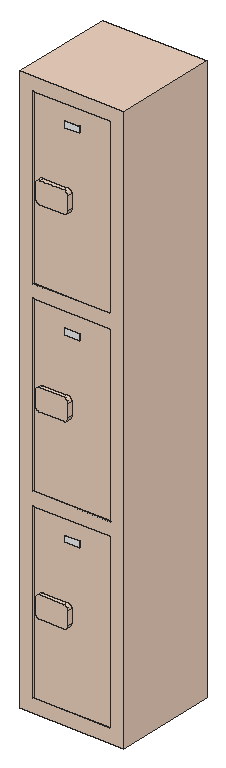
Revit family
Parameters
  Width = 1' - 0"
  Warranty Duration (Years) = 0
  URL = "http://www.asilockers.com/"
  Specification = "http://www.arcat.com/sdspecs/htm/10503asi.htm"
  Send Message = "http://www.arcat.com/users.pl?action=UserEmail&company=ASI%20Storage%20Solutions%20Inc.&coid=42798&rep=139&fax=901-312-6197&mf="
  Sales Information = "http://www.asilockers.com/company.html"
  Revision = "R1_08-2010"
  Product Properties = "http://www.arcat.com/bim/bim_info.pl?fn=ASIStorage"
  Product Data = "http://www.arcat.com/arcatcos/cos42/arc42798.html"
  Number Plate Material = Metal - Polished Aluminum
  Model = "As Specified in 10 51 13"
  Manufacturer Website = "http://www.asilockers.com/"
  Manufacturer Phone = "901-312-6195 "
  Manufacturer Fax = "901-312-6197"
  Manufacturer Address = "4444 Delp St., Memphis, TN 38118"
  Manufacturer = "ASI Storage Solutions Inc."
  Maintenance Schedule (Months) = 0
  Keynote = "10 51 13"
  Installation-Fabrication = "http://www.asilockers.com/installation-assembly/installation.pdf"
  Installation Phase = ""
  Height = 5' - 6"
  Finish = "High density polyethylene (HDPE) sheet"
  Expected Lifespan (Years) = 0
  Drawn By = "Robert S. Weygant, CSI, CDT, SCIP"
  Description = "As Specified in 10 51 13"
  Depth = 1' - 0"
  Copyright = "2010, ARCAT, Inc"
  Construction Details = "http://www.asilockers.com/installation-assembly/one-page-assembly.pdf"
  Color Chart = "http://www.asilockers.com/color-guide.html"
  Color [instance] = Plastic - Ivory Essence Speckle #9500
  Assembly Code = "E2010200"
Reference planes (in)
  plane 1 "Center (Front/Back)": y = 0
  plane 2 "Bottom": z = 0
  plane 3 "Center (Left/Right)": x = 0
  plane 4 "Front": y = -6
  plane 5 "Back": y = 6
  plane 6 "Left": x = -6
  plane 7 "Right": x = 6
  plane 8 "Top": z = 66
  plane 9 "General Ref 2": z = 43.75
  plane 10 "General Ref 3": z = 22.25
  plane 11 "General Ref 1": z = 65.25
  plane 12 "General Ref 4": z = 0.75
Forms (in)
  Extrusion 1, solid, material "Plastic - Ivory Essence Speckle #9500" <- "Color"
    sketch origin (0, 0, 0) x (1, 0, 0) y (0, 0, 1)
      loop
        line (-6, 66) -> (-6, 0) -> (6, 0) -> (6, 66) -> (-6, 66)
      loop
        line (4.5, 64.5) -> (-4.5, 64.5) -> (-4.5, 44.5) -> (4.5, 44.5) -> (4.5, 64.5)
      loop
        line (-4.5, 1.5) -> (4.5, 1.5) -> (4.5, 21.5) -> (-4.5, 21.5) -> (-4.5, 1.5)
      loop
        line (-4.5, 43) -> (-4.5, 23) -> (4.5, 23) -> (4.5, 43) -> (-4.5, 43)
    from -6 to 6
  Extrusion 2, solid, material "Plastic - Ivory Essence Speckle #9500" <- "Color"
    sketch origin (0, 0, 0) x (1, 0, 0) y (0, 0, 1)
      loop
        line (5, 64.75) -> (-5, 64.75) -> (-5, 1.25) -> (5, 1.25) -> (5, 64.75)
    from -6 to 5.88
Cuts and joins
  joined: Extrusion 1, Extrusion 2
Dimensions and locks (in)
  equal spacing: plane 6 "Left", plane 3 "Center (Left/Right)", plane 7 "Right"
  equal spacing: plane 5 "Back", plane 1 "Center (Front/Back)", plane 4 "Front"
  "Width": plane 6 "Left" to plane 7 "Right"
  "Depth": plane 5 "Back" to plane 4 "Front"
  "Height": plane 8 "Top" to level
  locked: plane 4 "Front" to Extrusion 2 at 0.12
  equal spacing: plane 11 "General Ref 1", plane 9 "General Ref 2", plane 10 "General Ref 3", plane 12 "General Ref 4"
  equal spacing: plane 11 "General Ref 1", nested 6, plane 9 "General Ref 2"
  equal spacing: plane 10 "General Ref 3", nested 4, plane 12 "General Ref 4"
  equal spacing: plane 9 "General Ref 2", nested 5, plane 10 "General Ref 3"
  locked: plane 8 "Top" to plane 11 "General Ref 1" at 0.75
  locked: plane 11 "General Ref 1" to nested 1 at 2.96449
  locked: plane 9 "General Ref 2" to nested 2 at 2.96449
  locked: plane 10 "General Ref 3" to nested 3 at 2.96449
  locked: nested 6 to plane 6 "Left" at 4
  locked: plane 9 "General Ref 2" to nested 8 at 4.375
  locked: plane 11 "General Ref 1" to nested 9 at 4.375
  locked: plane 10 "General Ref 3" to nested 7 at 4.375
  locked: plane 12 "General Ref 4" to level at 0.75
  aligned and locked: plane 5 "Back" to Extrusion 1
  aligned and locked: Extrusion 1 to plane 4 "Front"
  aligned and locked: plane 5 "Back" to Extrusion 2
  aligned and locked: plane 3 "Center (Left/Right)" to nested 1
  aligned and locked: plane 3 "Center (Left/Right)" to nested 2
  aligned and locked: plane 3 "Center (Left/Right)" to nested 3
  aligned and locked: nested 5 to nested 6
  aligned and locked: nested 4 to nested 6
  aligned and locked: plane 3 "Center (Left/Right)" to nested 7
  aligned and locked: plane 3 "Center (Left/Right)" to nested 8
  aligned and locked: plane 3 "Center (Left/Right)" to nested 9
Automatic sketch dimensions
  Extrusion 1 sketch curve to plane 6 "Left" = 0' - 0"
  Extrusion 1 sketch curve to plane 7 "Right" = 0' - 0"
  Extrusion 1 sketch curve to plane 8 "Top" = 0' - 0"
  plane 6 "Left" to Extrusion 1 sketch curve = 0' - 1 1/2"  (x2)
  Extrusion 1 sketch curve to Extrusion 1 sketch curve = 0' - 0"  (x2)
  Extrusion 1 sketch curve to plane 7 "Right" = 0' - 1 1/2"  (x2)
  plane 12 "General Ref 4" to Extrusion 1 sketch curve = 0' - 0 3/4"
  Extrusion 1 sketch curve to plane 10 "General Ref 3" = 0' - 0 3/4"
  plane 10 "General Ref 3" to Extrusion 1 sketch curve = 0' - 0 3/4"
  Extrusion 1 sketch curve to plane 9 "General Ref 2" = 0' - 0 3/4"
  plane 9 "General Ref 2" to Extrusion 1 sketch curve = 0' - 0 3/4"
  Extrusion 1 sketch curve to plane 11 "General Ref 1" = 0' - 0 3/4"
  plane 6 "Left" to Extrusion 2 sketch curve = 0' - 1"
  Extrusion 2 sketch curve to plane 7 "Right" = 0' - 1"
  plane 12 "General Ref 4" to Extrusion 2 sketch curve = 0' - 0 1/2"
  Extrusion 2 sketch curve to plane 11 "General Ref 1" = 0' - 0 1/2"
  Extrusion 1 sketch curve to level = 0' - 0"
Nested families (in)
  nested 1: "Number Plate" at (0, -5.88, 62.28551) x (1, 0, 0) z (0, -1, 0), type "Number Plate"
  nested 2: "Number Plate" at (0, -5.88, 40.78551) x (1, 0, 0) z (0, -1, 0), type "Number Plate"
  nested 3: "Number Plate" at (0, -5.88, 19.28551) x (1, 0, 0) z (0, -1, 0), type "Number Plate"
  nested 4: "Handle-Locker-Plastic" at (-2, -5.88, 11.5) x (1, 0, 0) z (0, -1, 0), type "Handle-Locker-Plastic"
  nested 5: "Handle-Locker-Plastic" at (-2, -5.88, 33) x (1, 0, 0) z (0, -1, 0), type "Handle-Locker-Plastic"
  nested 6: "Handle-Locker-Plastic" at (-2, -5.88, 54.5) x (1, 0, 0) z (0, -1, 0), type "Handle-Locker-Plastic"
  nested 7: "Round_Holes-4x" at (0, -5.88, 16.0625) x (1, 0, 0) z (0, -1, 0), type "Grille-Diamonds"
  nested 8: "Round_Holes-4x" at (0, -5.88, 37.5625) x (1, 0, 0) z (0, -1, 0), type "Grille-Diamonds"
  nested 9: "Round_Holes-4x" at (0, -5.88, 59.0625) x (1, 0, 0) z (0, -1, 0), type "Grille-Diamonds"
Definition of nested family "Number Plate"
  Parameters
    Number Plate Material = none
    Default Elevation = 4' - 0"
  Reference planes (in)
    plane 1 "Center (Front/Back)": y = 0
    plane 2: z = 0
    plane 3 "Center (Left/Right)": x = 0
  Forms (in)
    Extrusion 1, solid, material <- "Number Plate Material"
      sketch origin (0, 50.91051, 0.0625) x (0, -1, 0) y (-1, 0, 0)
        loop
          line (51.25426, 0.84375) -> (50.56676, 0.84375) -> (50.56676, -0.84375) -> (51.25426, -0.84375) -> (51.25426, 0.84375)
      from 0 to 0.0625
  Dimensions and locks (in)
    Extrusion 1 to Extrusion 1 = 0' - 1 11/16"
Definition of nested family "Handle-Locker-Plastic"
  Parameters
    Material = none
    Default Elevation = 4' - 0"
  Reference planes (in)
    plane 1 "Center (Front/Back)": y = 0
    plane 2: z = 0
    plane 3 "Center (Left/Right)": x = 0
  Forms (in)
    Extrusion 1, solid, material <- "Material"
      sketch origin (0, 0, 0) x (1, 0, 0) y (0, 1, 0)
        loop
          arc (-1.375, 1.25) -> (-1.72855, 1.10355) -> (-1.875, 0.75) r 0.5
          line (-1.875, 0.75) -> (-1.875, -0.75)
          arc (-1.875, -0.75) -> (-1.72855, -1.10355) -> (-1.375, -1.25) r 0.5
          line (-1.375, -1.25) -> (1.375, -1.25)
          arc (1.375, -1.25) -> (1.72855, -1.10355) -> (1.875, -0.75) r 0.5
          line (1.875, -0.75) -> (1.875, 0.75)
          arc (1.875, 0.75) -> (1.72855, 1.10355) -> (1.375, 1.25) r 0.5
          line (1.375, 1.25) -> (-1.375, 1.25)
      from 0 to 0.5
Definition of nested family "Round_Holes-4x"
  Parameters (values of type "Grille-Diamonds")
    Default Elevation = 4' - 0"
    Assembly Code = ""
  Reference planes (in)
    plane 1 "Center (Front/Back)": y = 0
    plane 2: z = 0
    plane 3 "Center (Left/Right)": x = 0
    plane 4: y = 1.8125
  Forms (in)
    Extrusion 1, solid
      sketch origin (0, 0, 0) x (1, 0, 0) y (0, 1, 0)
        loop
          line (-48, 48) -> (-48, -48) -> (48, -48) -> (48, 48) -> (-48, 48)
      from 0 to -12
  Lines and regions (in)
    model lines
      curve 1: circle (3, 0, 0) r 0.1875 normal (0, 0, 1)
      curve 2: circle (1.875, 0, 0) r 0.1875 normal (0, 0, 1)
      curve 3: circle (0.75, 0, 0) r 0.1875 normal (0, 0, 1)
      curve 4: circle (-0.375, 0, 0) r 0.1875 normal (0, 0, 1)
      curve 5: circle (3, 0.90625, 0) r 0.1875 normal (0, 0, 1)
      curve 6: circle (1.875, 0.90625, 0) r 0.1875 normal (0, 0, 1)
      curve 7: circle (0.75, 0.90625, 0) r 0.1875 normal (0, 0, 1)
      curve 8: circle (-0.375, 0.90625, 0) r 0.1875 normal (0, 0, 1)
      curve 9: circle (3, 1.8125, 0) r 0.1875 normal (0, 0, 1)
      curve 10: circle (1.875, 1.8125, 0) r 0.1875 normal (0, 0, 1)
      curve 11: circle (0.75, 1.8125, 0) r 0.1875 normal (0, 0, 1)
      curve 12: circle (-0.375, 1.8125, 0) r 0.1875 normal (0, 0, 1)
  Dimensions and locks (in)
    aligned and locked: plane 2 to Extrusion 1
    aligned and locked: level to Extrusion 1
